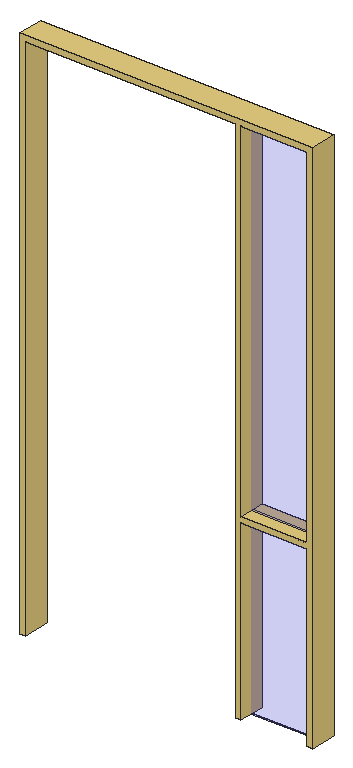
Revit family "DAL_A3-FE1145", category Doors, host Wall, Revit 2016
Family settings
  Host = Wall
  Always vertical = Yes
  Cut with Voids When Loaded = No
  Shared = No
  Room Calculation Point = No
Parameters (values of type "Frame")
  Height = 2107 mm
  Wall Closure = By host
  Width = 1145 mm
  Glass Thickness = 8 mm
  Glass Material = Glass
  Function = Interior
  Frame Thickness = 102 mm
  Frame Material = Meranti Wood
  Frame Depth = 22.5 mm
Reference planes
  plane 1 "Wall Center": y = 0
  plane 2 "Center (Left/Right)": x = 0
  plane 3 "Left": x = -572.5
  plane 4 "Right": x = 572.5
  plane 5: z = 2107
  plane 6 "Exterior": y = 75
  plane 7 "Interior": y = -75
  plane 8: x = 270
  plane 9: z = 702.333
  plane 10: z = 1404.667
  plane 11: x = -550
Forms (mm)
  Sweep 1, solid, material "Meranti Wood" <- "Frame Material"
    path origin (0, 0, 0) x (1, 0, 0) y (0, 0, 1)
      loop
        line (572.5, 0) -> (572.5, 2107) -> (-572.5, 2107) -> (-572.5, 0)
    profile origin (0, 0, 2107) x (0, 0, -1) y (0, -1, 0)
      loop
        line (0, -51) -> (22.5, -51) -> (22.5, 51) -> (0, 51) -> (0, -51)
  Sweep 2, solid, material "Meranti Wood" <- "Frame Material"
    path origin (0, 0, 0) x (1, 0, 0) y (0, 0, 1)
      loop
        line (270, 0) -> (270, 2107)
    profile origin (270, 0, 1053.5) x (-1, 0, 0) y (0, -1, 0)
      loop
        line (0, -51) -> (0, 51) -> (-22.5, 51) -> (-22.5, -51) -> (0, -51)
  Sweep 3, solid, material "Meranti Wood" <- "Frame Material"
    path origin (0, 0, 0) x (1, 0, 0) y (0, 0, 1)
      loop
        line (572.5, 702.333) -> (270, 702.333)
    profile origin (421.25, 0, 702.333) x (0, 0, -1) y (0, -1, 0)
      loop
        line (-11.25, -51) -> (11.25, -51) -> (11.25, 51) -> (-11.25, 51) -> (-11.25, -51)
  Extrusion 4, solid, material "Glass" <- "Glass Material"
    sketch origin (0, 0, 0) x (1, 0, 0) y (0, 1, 0)
      loop
        line (292.5, 4) -> (292.5, -4) -> (550, -4) -> (550, 4) -> (292.5, 4)
    from 0 to 691.083
  Extrusion 5, solid, material "Glass" <- "Glass Material"
    sketch origin (0, 0, 0) x (1, 0, 0) y (0, 1, 0)
      loop
        line (292.5, 4) -> (292.5, -4) -> (550, -4) -> (550, 4) -> (292.5, 4)
    from 713.583 to 2084.5
Cuts and joins
  joined: Sweep 1, Sweep 2, Sweep 3
Lines and regions (mm)
  Opening 1
    outline origin (-3050, -75, 0) x (1, 0, 0) y (0, 0, 1)
      loop
        line (2477.5, 0) -> (3622.5, 0) -> (3622.5, 2107) -> (2477.5, 2107) -> (2477.5, 0)
Text (mm)
  text "Exterior" at (-2295.016, 1099.543, 0), in view "Ref. Level"
  text "Exterior" at (0, 1615.38, 3698.081), in view "Left"
  text "Exterior" at (0, 1036.032, 3874.932), in view "Right"
Dimensions and locks
  equal spacing: plane 3 "Left", plane 2 "Center (Left/Right)", plane 4 "Right"
  "Width": plane 3 "Left" to plane 4 "Right"
  "Height": plane 5 to host wall
  equal spacing: host wall, plane 9, plane 10, plane 5
  locked: plane 6 "Exterior" to host wall at 0
  locked: plane 7 "Interior" to host wall
  "Frame Depth": Sweep 1 sketch curve to Sweep 1 sketch curve
  equal spacing: Sweep 1 sketch curve, profile plane, Sweep 1 sketch curve
  "Frame Thickness": Sweep 1 sketch curve to Sweep 1 sketch curve
  cut or joined group of Sweep 1, Sweep 2, Sweep 3 to plane 8 = 820 mm
  "Frame Depth": Sweep 2 sketch curve to Sweep 2 sketch curve
  equal spacing: Sweep 3 sketch curve, plane 9, Sweep 3 sketch curve
  "Frame Depth": Sweep 3 sketch curve to Sweep 3 sketch curve
  equal spacing: Extrusion 4 sketch curve, host wall, Extrusion 4 sketch curve
  "Glass Thickness": Extrusion 4 sketch curve to Extrusion 4 sketch curve
  equal spacing: Extrusion 5 sketch curve, host wall, Extrusion 4
  "Glass Thickness": Extrusion 5 sketch curve to Extrusion 5 sketch curve
  "Frame Depth": plane 3 "Left" to plane 11
  locked: plane 11 to plane 8 at 820
  aligned and locked: plane 3 "Left" to Opening 1 sketch curve
  aligned and locked: plane 5 to Opening 1 sketch curve  (x2)
  aligned and locked: Opening 1 sketch curve to plane 4 "Right"
  aligned and locked: Opening 1 sketch curve to level
  aligned and locked: plane 1 "Wall Center" to host wall
  aligned and locked: plane 5 to Sweep 1 sketch curve
  aligned and locked: Sweep 1 sketch curve to plane 4 "Right"
  aligned and locked: Sweep 1 sketch curve to plane 3 "Left"
  aligned and locked: level to Sweep 1 sketch curve  (x2)
  aligned and locked: Sweep 1 sketch curve to profile plane
  aligned and locked: plane 5 to Sweep 2 sketch curve
  aligned and locked: level to Sweep 2 sketch curve
  aligned and locked: plane 8 to Sweep 2 sketch curve
  aligned and locked: Sweep 2 sketch curve to plane 8
  aligned and locked: Sweep 2 sketch curve to Sweep 1  (x2)
  aligned and locked: plane 4 "Right" to Sweep 3 sketch curve
  aligned and locked: plane 8 to Sweep 3 sketch curve
  aligned and locked: Sweep 3 sketch curve to plane 9
  aligned and locked: Sweep 3 sketch curve to cut or joined group of Sweep 1, Sweep 2, Sweep 3  (x2)
  aligned and locked: cut or joined group of Sweep 1, Sweep 2, Sweep 3 to Extrusion 4 sketch curve  (x2)
  aligned and locked: cut or joined group of Sweep 1, Sweep 2, Sweep 3 to Extrusion 5 sketch curve  (x2)
  aligned and locked: Extrusion 5 to cut or joined group of Sweep 1, Sweep 2, Sweep 3  (x2)
  aligned and locked: Extrusion 4 to cut or joined group of Sweep 1, Sweep 2, Sweep 3
  aligned and locked: Extrusion 4 to level
